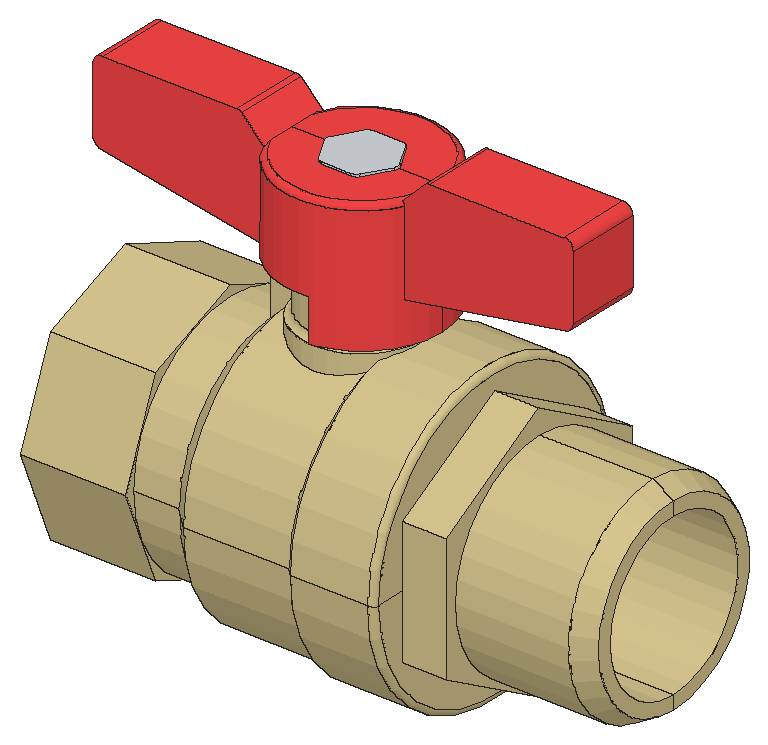
Revit family "QA07300000", category Apparecchi idraulici, Revit 2016
Family settings
  Tipo di parte = Normale
  Quota connettore circolare = Usa diametro
  Numero OmniClass = 23.45.00.00
  Titolo OmniClass = Sanitary, Laundry, and Cleaning Equipment
  Basato su piano di lavoro = No
  Sempre verticale = Sì
  Taglio con vuoti quando caricato = No
  Condiviso = No
  Punto di calcolo locali = No
Parameters
  URL = "https://web.cimberio.it/index.php/figura/1669?subcategoria_id=42417"
  DN Model [instance] = QA07301025 : QA07301025
  DN [instance] = 25 mm
Reference planes
  plane 1 "Centro (Fronte/Retro)": y = 0
  plane 2: z = 0
  plane 3 "Centro (Sinistra/Destra)": x = 0
Dimensions and locks
  aligned and locked: level to plane 2
Nested families
  nested 1: "QA07301025" at (0, 0, 0), type <- "DN Model", type "QA07301025"
  nested 2: "QA07301025" at (0, 0, 0), type <- "DN Model", type "QA07301025"
  nested 3: "QA07301025" at (0, 0, 0), type <- "DN Model", type "QA07301025"
  nested 4: "QA07301025" at (0, 0, 0), type <- "DN Model", type "QA07301025"
Connectors
  piping at (48.604, 0, 0), diameter 25, driven by "DN"
    settings: on nested 1, index 1, connector inside diameter 609.6 mm, connector length 0 mm, flow factor 0, pipe flow 0.0 L/s, pressure drop 0.0 Pa, fitting loss kfactor 0, connector angle 0.00°, fixture units 0, engagement length 0 mm, angle of deflection 0.00°, flow configuration 0, flow direction 0, fitting loss method 0, system type 7, joint type 0, gender type 0, connector reference index -1, connector utility 0, adjustable connector no, is connector primary yes, connector description ""
  piping at (-37, 0, 0), diameter 25, driven by "DN"
    settings: on nested 1, index 2, connector inside diameter 609.6 mm, connector length 0 mm, flow factor 0, pipe flow 0.0 L/s, pressure drop 0.0 Pa, fitting loss kfactor 0, connector angle 0.00°, fixture units 0, engagement length 0 mm, angle of deflection 0.00°, flow configuration 0, flow direction 0, fitting loss method 0, system type 7, joint type 0, gender type 0, connector reference index -1, connector utility 0, adjustable connector no, is connector primary no, connector description ""
Definition of nested family "QA07301025"
  Reference planes
    plane 1 "Centro (Fronte/Retro)": y = 0
    plane 2: z = 0
    plane 3 "Centro (Sinistra/Destra)": x = 0
  Forms (mm)
    Revolve 1, solid
      sketch origin (0, 0, 0) x (1, 0, 0) y (0, 1, 0)
        loop
          line (-20.6, 12.5) -> (20.6, 12.5) -> (20.6, 22.5)
          arc (20.6, 22.5) -> (20.307, 23.207) -> (19.6, 23.5) r 1
          line (19.6, 23.5) -> (7.6, 23.5) -> (6.4, 22.3) -> (-10.1, 22.3) -> (-13.4, 19) -> (-20.6, 19) -> (-20.6, 12.5)
        axis (-20.6, 0) -> (20.6, 0)
      angle from 0 to 360
    Revolve 2, solid
      sketch origin (6, 0, 0) x (1, 0, 0) y (0, 0, 1)
        loop
          line (39.404, 16.477) -> (21.6, 16.477) -> (21.6, 12.5) -> (42.604, 12.5) -> (42.604, 14.63) -> (39.404, 16.477)
        axis (42.604, 0) -> (21.6, 0)
      angle from 0 to 360
    Revolve 3, solid
      sketch origin (0, 0, 9.219) x (1, 0, 0) y (0, 0, 1)
        loop
          line (0.073, 22.865) -> (0.073, 10.62) -> (9.732, 10.62) -> (9.732, 14.289)
          arc (9.732, 14.289) -> (9.04, 14.576) -> (8.754, 15.268) r 0.978
          line (8.754, 15.268) -> (8.754, 22.865) -> (0.073, 22.865)
        axis (0.073, 10.62) -> (0.073, 22.865)
      angle from 0 to 360
    Extrusion 4, solid
      sketch origin (0, 0, 6.25) x (1, 0, 0) y (0, 0, 1)
        loop
          line (-12.996, 25.833) -> (-12.996, 10.093) -> (-7.365, 10.093) -> (-7.365, 25.833) -> (-12.996, 25.833)
      from 0 to 1.559
    Revolve 5, solid
      sketch origin (0, 0, 11.063) x (1, 0, 0) y (0, 0, 1)
        loop
          line (0, 34.943) -> (0, 14.439) -> (12.504, 14.439) -> (12.504, 34.045)
          arc (12.504, 34.045) -> (12.241, 34.68) -> (11.606, 34.943) r 0.898
          line (11.606, 34.943) -> (0, 34.943)
        axis (0, 34.943) -> (0, 14.439)
      angle from 0 to 360
    Extrusion 6, void
      sketch origin (0, 0, 10.751) x (1, 0, 0) y (0, 1, 0)
        loop
          line (-7.75, 0) -> (-13.081, 0)
          arc (-13.081, 0) -> (-9.313, -10.74) -> (1.6, -13.973) r 12.5
          line (1.6, -13.973) -> (1.6, -7.583)
          arc (1.6, -7.583) -> (-4.882, -6.019) -> (-7.75, 0) r 7.75
      from 13.293 to 21.333
    Extrusion 7, solid
      sketch origin (0, 0, 8.098) x (1, 0, 0) y (0, 1, 0)
        loop
          line (-5.463, -0.544) -> (-3.204, -4.455)
          arc (-3.204, -4.455) -> (-2.804, -4.856) -> (-2.256, -5.003) r 1.095
          line (-2.256, -5.003) -> (2.244, -5.003)
          arc (2.244, -5.003) -> (2.802, -4.853) -> (3.21, -4.445) r 1.116
          line (3.21, -4.445) -> (5.469, -0.532)
          arc (5.469, -0.532) -> (5.612, 0) -> (5.469, 0.532) r 1.064
          line (5.469, 0.532) -> (3.219, 4.429)
          arc (3.219, 4.429) -> (2.8, 4.849) -> (2.226, 5.003) r 1.147
          line (2.226, 5.003) -> (-2.274, 5.003)
          arc (-2.274, 5.003) -> (-2.806, 4.86) -> (-3.195, 4.47) r 1.064
          line (-3.195, 4.47) -> (-5.463, 0.544)
          arc (-5.463, 0.544) -> (-5.608, 0) -> (-5.463, -0.544) r 1.088
      from 37.3 to 38.172
    Extrusion 8, solid
      sketch origin (0, 0, 9.702) x (1, 0, 0) y (0, 0, 1)
        loop
          arc (-35.996, 39.8) -> (-37.057, 39.361) -> (-37.496, 38.3) r 1.5
          line (-37.496, 38.3) -> (-37.496, 28.279)
          arc (-37.496, 28.279) -> (-37.145, 27.313) -> (-36.256, 26.8) r 1.502
          line (-36.256, 26.8) -> (-8.891, 21.975) -> (-7.682, 32.893) -> (-14.295, 39.507)
          arc (-14.295, 39.507) -> (-14.62, 39.724) -> (-15.002, 39.8) r 1
          line (-15.002, 39.8) -> (-35.996, 39.8)
        loop
          line (35.996, 39.8) -> (15.002, 39.8)
          arc (15.002, 39.8) -> (14.62, 39.724) -> (14.295, 39.507) r 1
          line (14.295, 39.507) -> (7.682, 32.893) -> (8.891, 21.975) -> (36.256, 26.8)
          arc (36.256, 26.8) -> (37.145, 27.313) -> (37.496, 28.279) r 1.502
          line (37.496, 28.279) -> (37.496, 38.3)
          arc (37.496, 38.3) -> (37.057, 39.361) -> (35.996, 39.8) r 1.5
      from -5.812 to 5.689
    Extrusion 9, solid
      sketch origin (0, 0, 0) x (0, 1, 0) y (0, 0, 1)
        loop
          circle (0, 0) r 10
        loop
          line (0, 20.5) -> (-14.496, 14.496) -> (-20.5, 0) -> (-14.496, -14.496) -> (0, -20.5) -> (14.496, -14.496) -> (20.5, 0) -> (14.496, 14.496) -> (0, 20.5)
      from -37 to -20.6
    Extrusion 10, solid
      sketch origin (0, 0, 0) x (0, 1, 0) y (0, 0, 1)
        loop
          circle (0, 0) r 10
        loop
          line (0, 20.25) -> (-18, 9.858) -> (-18, -9.858) -> (0, -20.25) -> (18, -9.858) -> (18, 9.858) -> (0, 20.25)
      from 19.604 to 27.6
  Cuts and joins
    Extrusion 6 cuts Revolve 5
  Dimensions and locks
    aligned and locked: level to plane 2
